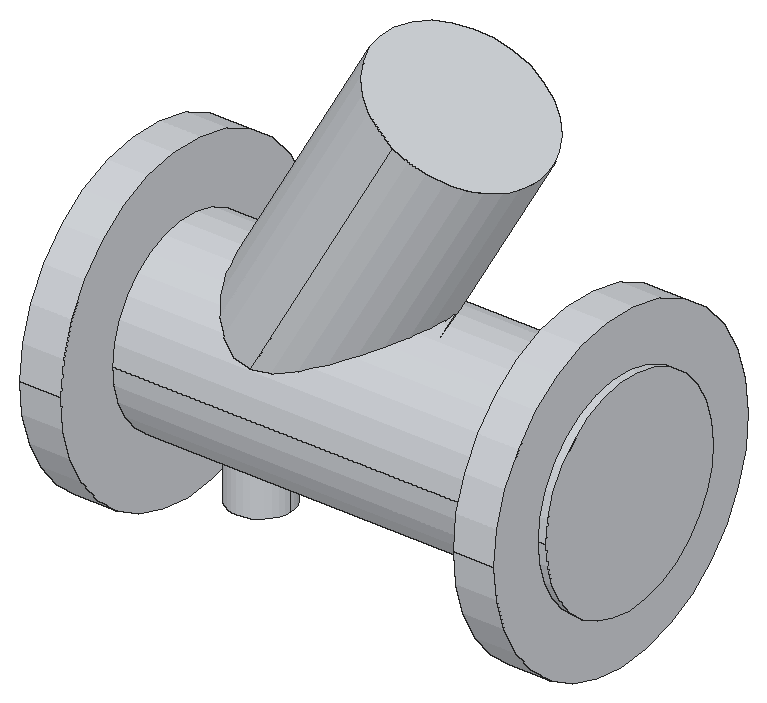
Revit family "HS 821-síto_jemné-PN25-DN080-RFA_2018", category Pipe Accessories, Revit 2018
Family settings
  Round Connector Dimension = Use Diameter
  Part Type = Breaks Into
  Work Plane-Based = No
  Always vertical = Yes
  Cut with Voids When Loaded = No
  Shared = No
Parameters (values of type "821D-DN080-PN25-síto_jemné")
  magiProductId = "e21040fa3cc2404b858198f6b73709"
  magiProductFamilyId = "79214ac3aaa945e397802f559f5c1e"
  magiPartTypeId = 307
  isMeasuringValve [instance] = no
  ang2D [instance] = 0.00°
  ZB__ve = -ZB  # -32 mm
  ZB1 = 53.46 mm
  ZB = 32 mm
  X2 = 104.753 mm
  X1 = 43.4 mm
  W2D = 15 mm
  VersionID = "2.0/2017.9.26.1/ZETKAMA_821_001"
  Use Minimum Symbol Size [instance] = yes
  URL = "www.hydronic.cz"
  Type Comments = "Filtr přírubový; síto jemné; A-PN16 (-10~300°C); D-PN25 (-10~350°C); F-PN40 (-10~400°C)"
  S = 132 mm
  QmdConnectorList = "301;D;302;D"
  Productdata [instance] = ""
  Manufacturer = "Hydronic Systems Prague s.r.o."
  MC Product Code = "210 280 (821D; DN080; PN25; kvs137,1; oko síta 0,63mm)"
  LM1 = 24.8 mm
  LM = 248 mm
  L4 = 77.5 mm
  L2D_Min = 3048 mm
  L2D = 130 mm
  L2 = 155 mm
  HH2 = 181.438 mm
  FD = 200 mm
  Description = "Filtr přírubový; síto jemné; 821A-PN16; 821D-PN25; 821F-PN40"
  DM1 = 107.4 mm
  DM = 118.8 mm
  D = 80 mm
  CC = 5.27 mm
  CAT0 = yes
  C1 = 25.73 mm
  C = 31 mm
  BD = 37.422 mm
Types (40, lengths in mm): name | magiProductId | ZB__ve | ZB1 | ZB | X2 | X1 | S | MC Product Code | LM1 | LM | L4 | L2 | HH2 | FD | DM1 | DM | D | CC | C1 | C | BD
  821A-DN015-PN16-síto_jemné | "a71bcfe8b393460598b23e8ddf7dc5" | -16.25 | 18.63 | 16.25 | 46.982 | 18.2 | 46 | "210 115 (821A; DN015; PN16; kvs6,2; oko síta 0,63mm)" | 10.4 | 104 | 32.5 | 65 | 81.375 | 95 | 27.6 | 41.4 | 15 | 2.21 | 10.79 | 13 | 13.041
  821A-DN020-PN16-síto_jemné | "41cd6c7a12924f4991217528336076" | -17.75 | 22.68 | 17.75 | 51.673 | 21 | 56 | "210 120 (821A; DN020; PN16; kvs9,6; oko síta 0,63mm)" | 12 | 120 | 37.5 | 75 | 89.5 | 105 | 33.6 | 50.4 | 20 | 2.55 | 12.45 | 15 | 15.876
  821A-DN025-PN16-síto_jemné | "be378b463ed14c3abf4c9b3ae8cf3a" | -19.25 | 26.325 | 19.25 | 58.601 | 22.4 | 65 | "210 125 (821A; DN025; PN16; kvs14,2; oko síta 0,63mm)" | 12.8 | 128 | 40 | 80 | 101.5 | 115 | 43.2 | 58.5 | 25 | 2.72 | 13.28 | 16 | 18.427
  821A-DN032-PN16-síto_jemné | "227a0d18b21540afabe8b6067d35fa" | -23 | 30.78 | 23 | 68.849 | 25.2 | 76 | "210 132 (821A; DN032; PN16; kvs23,1; oko síta 0,63mm)" | 14.4 | 144 | 45 | 90 | 119.25 | 140 | 50.4 | 68.4 | 32 | 3.06 | 14.94 | 18 | 21.546
  821A-DN040-PN16-síto_jemné | "d106917c74724141a10440112d0102" | -24.5 | 34.02 | 24.5 | 75.777 | 28 | 84 | "210 140 (821A; DN040; PN16; kvs36,6; oko síta 0,63mm)" | 16 | 160 | 50 | 100 | 131.25 | 150 | 60 | 75.6 | 40 | 3.4 | 16.6 | 20 | 23.814
  821A-DN050-PN16-síto_jemné | "8255d456a09e4f6486734f5dd9171b" | -26.75 | 40.095 | 26.75 | 79.061 | 32.2 | 99 | "210 150 (821A; DN050 PN16; kvs53,7; oko síta 0,63mm)" | 18.4 | 184 | 57.5 | 115 | 136.938 | 165 | 73.8 | 89.1 | 50 | 3.91 | 19.09 | 23 | 28.066
  821A-DN065-PN16-síto_jemné | "235b1b3e4c0843779a4d5e3716d40a" | -29.75 | 47.79 | 29.75 | 86.927 | 40.6 | 118 | "210 165 (821A; DN065; PN16; kvs95,1; oko síta 0,63mm)" | 23.2 | 232 | 72.5 | 145 | 150.562 | 185 | 94.2 | 106.2 | 65 | 4.93 | 24.07 | 29 | 33.453
  821A-DN080-PN16-síto_jemné | "a067f7c5236348ed8c820d16df7214" | -32 | 53.46 | 32 | 104.753 | 43.4 | 132 | "210 180 (821A; DN080; PN16; kvs137,1; oko síta 0,63mm)" | 24.8 | 248 | 77.5 | 155 | 181.438 | 200 | 107.4 | 118.8 | 80 | 5.27 | 25.73 | 31 | 37.422
  821A-DN100-PN16-síto_jemné | "c49a648c2747461285837d643703cd" | -35 | 63.18 | 35 | 114.857 | 49 | 156 | "210 190 (821A; DN100; PN16; kvs206,4; oko síta 0,63mm)" | 28 | 280 | 87.5 | 175 | 198.937 | 220 | 131.4 | 140.4 | 100 | 5.95 | 29.05 | 35 | 44.226
  821A-DN125-PN16-síto_jemné | "bf68e728a163493cbd2a663b26ebdc" | -39.5 | 74.52 | 39.5 | 131.888 | 56 | 184 | "210 191 (821A; DN125; PN16; kvs268,8; oko síta 0,63mm)" | 32 | 320 | 100 | 200 | 228.438 | 250 | 165 | 165.6 | 125 | 6.8 | 33.2 | 40 | 52.164
  821A-DN150-PN16-síto_jemné | "2de770284b654863ae6bc865769dc5" | -44.75 | 85.455 | 44.75 | 155.885 | 67.2 | 211 | "210 192 (821A; DN150; PN16; kvs401,4; oko síta 0,63mm)" | 38.4 | 384 | 120 | 240 | 270 | 285 | 192 | 189.9 | 150 | 8.16 | 39.84 | 48 | 59.818
  821A-DN200-PN16-síto_jemné | "8e5693371ab64aabb29a7f08c76e15" | -53 | 107.73 | 53 | 188.361 | 84 | 266 | "210 193 (821A; DN200; PN16; kvs706,7; oko síta 0,63mm)" | 48 | 480 | 150 | 300 | 326.25 | 340 | 252 | 239.4 | 200 | 10.2 | 49.8 | 60 | 75.411
  821A-DN250-PN16-síto_jemné | "05e37ed948c34047acdd4c42556504" | -62.75 | 129.195 | 62.75 | 255.911 | 102.2 | 319 | "210 194 (821A; DN250; PN16; kvs1229,4; oko síta 0,63mm)" | 58.4 | 584 | 182.5 | 365 | 443.25 | 405 | 309.6 | 287.1 | 250 | 12.41 | 60.59 | 73 | 90.436
  821A-DN300-PN16-síto_jemné | "9ad0af747269428da925480d83ce80" | -71 | 149.85 | 71 | 325.914 | 119 | 370 | "210 195 (821A; DN300; PN16; kvs1902,4; oko síta 0,63mm)" | 68 | 680 | 212.5 | 425 | 564.5 | 460 | 369.6 | 333 | 300 | 14.45 | 70.55 | 85 | 104.895
  821A-DN350-PN16-síto_jemné | "eebc71459bb3451bb4355e7951370a" | -80 | 173.745 | 80 | 356.875 | 137.2 | 429 | "200 196 (821A; DN350; PN16; kvs2611,0; oko síta 0,63mm)" | 78.4 | 784 | 245 | 490 | 618.125 | 520 | 438 | 386.1 | 350 | 16.66 | 81.34 | 98 | 121.621
  821A-DN400-PN16-síto_jemné | "d2f677cb196647e385b2590e7d8abe" | -89 | 194.4 | 89 | 392.237 | 154 | 480 | "210 197 (821A; DN400; PN16; kvs3438,4; oko síta 0,63mm)" | 88 | 880 | 275 | 550 | 679.375 | 580 | 498 | 432 | 400 | 18.7 | 91.3 | 110 | 136.08
  821D-DN015-PN25-síto_jemné | "27ddcbf555414f8ca1fde329bf9087" | -16.25 | 18.63 | 16.25 | 46.982 | 18.2 | 46 | "210 215 (821D; DN015; PN25; kvs6,2; oko síta 0,63mm)" | 10.4 | 104 | 32.5 | 65 | 81.375 | 95 | 27.6 | 41.4 | 15 | 2.21 | 10.79 | 13 | 13.041
  821D-DN020-PN25-síto_jemné | "270e0f14012f47189cd0235c18faee" | -17.75 | 22.68 | 17.75 | 51.673 | 21 | 56 | "210 220 (821D; DN020; PN25; kvs9,6; oko síta 0,63mm)" | 12 | 120 | 37.5 | 75 | 89.5 | 105 | 33.6 | 50.4 | 20 | 2.55 | 12.45 | 15 | 15.876
  821D-DN025-PN25-síto_jemné | "b9a7fb4aa36643878c637d8e1ab992" | -19.25 | 26.325 | 19.25 | 58.601 | 22.4 | 65 | "210 225 (821D; DN025; PN25; kvs14,2; oko síta 0,63mm)" | 12.8 | 128 | 40 | 80 | 101.5 | 115 | 43.2 | 58.5 | 25 | 2.72 | 13.28 | 16 | 18.427
  821D-DN032-PN25-síto_jemné | "6be9a55c4e68400f94eec7e804204c" | -23 | 30.78 | 23 | 68.849 | 25.2 | 76 | "210 232 (821D; DN032; PN25; kvs23,1; oko síta 0,63mm)" | 14.4 | 144 | 45 | 90 | 119.25 | 140 | 50.4 | 68.4 | 32 | 3.06 | 14.94 | 18 | 21.546
  821D-DN040-PN25-síto_jemné | "c54511bd7f584ec2984291479612cb" | -24.5 | 34.02 | 24.5 | 75.777 | 28 | 84 | "210 240 (821D; DN040; PN25; kvs36,6; oko síta 0,63mm)" | 16 | 160 | 50 | 100 | 131.25 | 150 | 60 | 75.6 | 40 | 3.4 | 16.6 | 20 | 23.814
  821D-DN050-PN25-síto_jemné | "5483b1f596b04cd39b23a14a22c90e" | -26.75 | 40.095 | 26.75 | 79.061 | 32.2 | 99 | "210 250 (821D; DN050; PN25; kvs53,7; oko síta 0,63mm)" | 18.4 | 184 | 57.5 | 115 | 136.938 | 165 | 73.8 | 89.1 | 50 | 3.91 | 19.09 | 23 | 28.066
  821D-DN065-PN25-síto_jemné | "767b0f8318e94750bc7a9930ed5b30" | -29.75 | 47.79 | 29.75 | 86.927 | 40.6 | 118 | "210 265 (821D; DN065; PN25; kvs95,1; oko síta 0,63mm)" | 23.2 | 232 | 72.5 | 145 | 150.562 | 185 | 94.2 | 106.2 | 65 | 4.93 | 24.07 | 29 | 33.453
  821D-DN080-PN25-síto_jemné | "e21040fa3cc2404b858198f6b73709" | -32 | 53.46 | 32 | 104.753 | 43.4 | 132 | "210 280 (821D; DN080; PN25; kvs137,1; oko síta 0,63mm)" | 24.8 | 248 | 77.5 | 155 | 181.438 | 200 | 107.4 | 118.8 | 80 | 5.27 | 25.73 | 31 | 37.422
  821D-DN100-PN25-síto_jemné | "175ca87a506b40b3bc6b82f12f33cf" | -37.25 | 63.18 | 37.25 | 114.857 | 49 | 156 | "210 290 (821D; DN100; PN25; kvs206,4; oko síta 0,63mm)" | 28 | 280 | 87.5 | 175 | 198.937 | 235 | 131.4 | 140.4 | 100 | 5.95 | 29.05 | 35 | 44.226
  821D-DN125-PN25-síto_jemné | "77cc98d60da24855999a22dff726b2" | -42.5 | 74.52 | 42.5 | 131.888 | 56 | 184 | "210 291 (821D; DN125; PN25; kvs268,8; oko síta 0,63mm)" | 32 | 320 | 100 | 200 | 228.438 | 270 | 165 | 165.6 | 125 | 6.8 | 33.2 | 40 | 52.164
  821D-DN150-PN25-síto_jemné | "9cf8acfcd15547d68e83172d3abcbe" | -47 | 85.455 | 47 | 155.885 | 67.2 | 211 | "210 292 (821D; DN150; PN25; kvs401,4; oko síta 0,63mm)" | 38.4 | 384 | 120 | 240 | 270 | 300 | 192 | 189.9 | 150 | 8.16 | 39.84 | 48 | 59.818
  821D-DN200-PN25-síto_jemné | "16973f3c9ea14389ba8602495a6b64" | -56 | 110.97 | 56 | 188.361 | 84 | 274 | "210 293 (821D; DN200; PN25; kvs706,7; oko síta 0,63mm)" | 48 | 480 | 150 | 300 | 326.25 | 360 | 252 | 246.6 | 200 | 10.2 | 49.8 | 60 | 77.679
  821F-DN015-PN40-síto_jemné | "4c7eaf3c4c0340888b3e684d8a8616" | -16.25 | 18.225 | 16.25 | 46.982 | 18.2 | 45 | "250 615 (821F; DN015; PN40; kvs6,2; oko síta 0,63mm)" | 10.4 | 104 | 32.5 | 65 | 81.375 | 95 | 27.6 | 40.5 | 15 | 2.21 | 10.79 | 13 | 12.757
  821F-DN020-PN40-síto_jemné | "aaac5f1ec96b44d6ba96ac2293d66d" | -17.75 | 23.49 | 17.75 | 51.673 | 21 | 58 | "250 620 (821F; DN020; PN40; kvs9,6; oko síta 0,63mm)" | 12 | 120 | 37.5 | 75 | 89.5 | 105 | 33.6 | 52.2 | 20 | 2.55 | 12.45 | 15 | 16.443
  821F-DN025-PN40-síto_jemné | "504768023968471481789485b54c7e" | -19.25 | 27.54 | 19.25 | 58.601 | 22.4 | 68 | "250 625 (821F; DN025; PN40; kvs14,2; oko síta 0,63mm)" | 12.8 | 128 | 40 | 80 | 101.5 | 115 | 43.2 | 61.2 | 25 | 2.72 | 13.28 | 16 | 19.278
  821F-DN032-PN40-síto_jemné | "165e7f39cf744f329bdf1c400dad12" | -23 | 31.59 | 23 | 68.849 | 25.2 | 78 | "250 632 (821F; DN032; PN40; kvs23,1; oko síta 0,63mm)" | 14.4 | 144 | 45 | 90 | 119.25 | 140 | 50.4 | 70.2 | 32 | 3.06 | 14.94 | 18 | 22.113
  821F-DN040-PN40-síto_jemné | "b8903f952089408fbf3a5a632bab1f" | -24.5 | 35.64 | 24.5 | 75.777 | 28 | 88 | "250 640 (821F; DN040; PN40; kvs36,6; oko síta 0,63mm)" | 16 | 160 | 50 | 100 | 131.25 | 150 | 60 | 79.2 | 40 | 3.4 | 16.6 | 20 | 24.948
  821F-DN050-PN40-síto_jemné | "c451f97266fe48da8f879cb6a2bd44" | -26.75 | 41.31 | 26.75 | 79.061 | 32.2 | 102 | "250 650 (821F; DN050; PN40; kvs53,7; oko síta 0,63mm)" | 18.4 | 184 | 57.5 | 115 | 136.938 | 165 | 73.8 | 91.8 | 50 | 3.91 | 19.09 | 23 | 28.917
  821F-DN065-PN40-síto_jemné | "dc9821e3f9b34e128f6a8c6b34c198" | -29.75 | 49.41 | 29.75 | 86.927 | 40.6 | 122 | "250 665 (821F; DN065; PN40; kvs95,1; oko síta 0,63mm)" | 23.2 | 232 | 72.5 | 145 | 150.562 | 185 | 94.2 | 109.8 | 65 | 4.93 | 24.07 | 29 | 34.587
  821F-DN080-PN40-síto_jemné | "689aa1e260f84cf4994f027a1d86b5" | -32 | 55.89 | 32 | 104.753 | 43.4 | 138 | "250 680 (821F; DN080; PN40; kvs137,1; oko síta 0,63mm)" | 24.8 | 248 | 77.5 | 155 | 181.438 | 200 | 107.4 | 124.2 | 80 | 5.27 | 25.73 | 31 | 39.123
  821F-DN100-PN40-síto_jemné | "8a45d4e8e2ab425f8c432f21d684f3" | -37.25 | 65.61 | 37.25 | 114.857 | 49 | 162 | "250 690 (821F; DN100; PN40; kvs206,4; oko síta 0,63mm)" | 28 | 280 | 87.5 | 175 | 198.937 | 235 | 131.4 | 145.8 | 100 | 5.95 | 29.05 | 35 | 45.927
  821F-DN125-PN40-síto_jemné | "cf073904c006406b8645afa67ea2fc" | -42.5 | 76.14 | 42.5 | 131.888 | 56 | 188 | "250 691 (821F; DN125; PN40; kvs268,8; oko síta 0,63mm)" | 32 | 320 | 100 | 200 | 228.438 | 270 | 165 | 169.2 | 125 | 6.8 | 33.2 | 40 | 53.298
  821F-DN150-PN40-síto_jemné | "0153b9ddabe14992a630484929fdbc" | -47 | 88.29 | 47 | 155.885 | 67.2 | 218 | "250 692 (821F; DN150; PN40; kvs401,4; oko síta 0,63mm)" | 38.4 | 384 | 120 | 240 | 270 | 300 | 192 | 196.2 | 150 | 8.16 | 39.84 | 48 | 61.803
  821F-DN200-PN40-síto_jemné | "7fb3fc01dd8d42428c203e3f8dd4d5" | -56 | 115.425 | 56 | 188.361 | 84 | 285 | "250 693 (821F; DN200; PN40; kvs706,7; oko síta 0,63mm)" | 48 | 480 | 150 | 300 | 326.25 | 360 | 252 | 256.5 | 200 | 10.2 | 49.8 | 60 | 80.797
Reference planes
  plane 1 "Center (Front/Back)": y = 0
  plane 2 "XYPLANE": z = 0
  plane 3 "Center (Left/Right)": x = 0
  plane 4 "109": x = -99.2
  plane 5 "108": x = 124
  plane 6 "107": x = -124
  plane 7 "105": x = 155
  plane 8 "104": x = -155
  plane 9 "103": y = 0
  plane 10 "102": z = 0
  plane 11 "101": x = -149.73
  plane 12 "100": x = 149.73
  plane 13 "11": x = -55.8
  plane 14 "10": z = 181.438
  plane 15 "9": x = 48.953
  plane 16 "5": z = -53.46
  plane 17 "4": x = -77.5
  plane 18 "1": x = 77.5
Forms (mm)
  Extrusion 1, solid, visible <- "CAT0"
    sketch origin (-124, -750, 0) x (0, 1, 0) y (0, 0, 1)
      loop
        circle (750, 0) r 59.4
    from 0 to 248 <- "LM"
  Extrusion 2, solid
    sketch origin (-155, -750, 0) x (0, 1, 0) y (0, 0, 1)
      loop
        circle (750, 0) r 66
    from 0 to 5.27 <- "CC"
  Extrusion 3, solid
    sketch origin (-149.73, -750, 0) x (0, 1, 0) y (0, 0, 1)
      loop
        circle (750, 0) r 100
    from 0 to 25.73 <- "C1"
  Extrusion 4, solid
    sketch origin (124, -750, 0) x (0, 1, 0) y (0, 0, 1)
      loop
        circle (750, 0) r 100
    from 0 to 25.73 <- "C1"
  Extrusion 5, solid
    sketch origin (149.73, -750, 0) x (0, 1, 0) y (0, 0, 1)
      loop
        circle (750, 0) r 66
    from 0 to 5.27 <- "CC"
  Sweep 6, solid, visible <- "CAT0"
    path origin (750, 0, 0) x (-1, 0, 0) y (0, 0, 1)
      loop
        line (874, 0) -> (805.8, 0) -> (701.047, 181.438)
    profile origin (-124, 0, 0) x (0, 0, -1) y (0, 1, 0)
      loop
        circle (0, 0) r 53.7
  Extrusion 7, solid, visible <- "CAT0"
    sketch origin (-750, 0, -53.46) x (1, 0, 0) y (0, 1, 0)
      loop
        circle (672.5, 0) r 18.711
    from 0 to -32 <- "ZB__ve"
  Extrusion 8, solid, visible <- "CAT0"
    sketch origin (-750, 0, -53.46) x (1, 0, 0) y (0, 1, 0)
      loop
        circle (827.5, 0) r 18.711
    from 0 to -32 <- "ZB__ve"
  Extrusion 9, solid, not visible
    sketch origin (155, -750, 0) x (0, 1, 0) y (0, 0, 1)
      loop
        circle (750, 0) r 10
    from 0 to -10
  Extrusion 10, solid, not visible
    sketch origin (-155, -750, 0) x (0, 1, 0) y (0, 0, 1)
      loop
        circle (750, 0) r 10
    from 0 to 10
Lines and regions (mm)
  reference lines, not visible
    curve 1: circle (2, 2, 0) r 1 normal (0, 0, 1)
Dimensions and locks
  plane 1 "Center (Front/Back)" to curve 1 = 2 mm
  "LM1": plane 6 "107" to plane 4 "109"
  "LM": plane 6 "107" to plane 5 "108"
  "C": plane 8 "104" to plane 6 "107"
  "L2": plane 3 "Center (Left/Right)" to plane 7 "105"
  "L2": plane 3 "Center (Left/Right)" to plane 8 "104"
  locked: plane 1 "Center (Front/Back)" to plane 9 "103"
  locked: plane 2 "XYPLANE" to plane 10 "102"
  "CC": plane 8 "104" to plane 11 "101"
  "C1": plane 5 "108" to plane 12 "100"
  "X1": plane 4 "109" to plane 13 "11"
  "HH2": plane 2 "XYPLANE" to plane 14 "10"
  "X2": plane 13 "11" to plane 15 "9"
  "ZB1": plane 2 "XYPLANE" to plane 16 "5"
  "L4": plane 8 "104" to plane 17 "4"
  "L2": plane 17 "4" to plane 18 "1"
  Sweep 6 sketch curve to Sweep 6 sketch curve = 0 mm  (x2)
  "DM": diameter of Extrusion 1 sketch curve
  "S": diameter of Extrusion 2 sketch curve
  "FD": diameter of Extrusion 3 sketch curve
  "FD": diameter of Extrusion 4 sketch curve
  "S": diameter of Extrusion 5 sketch curve
  "DM1": diameter of Sweep 6 sketch curve
  "BD": diameter of Extrusion 7 sketch curve
  "BD": diameter of Extrusion 8 sketch curve
  aligned and locked: level to plane 2 "XYPLANE"
  aligned and locked: Extrusion 1 sketch curve to plane 9 "103"
  aligned and locked: plane 10 "102" to Extrusion 1 sketch curve
  aligned and locked: Extrusion 2 sketch curve to plane 9 "103"
  aligned and locked: plane 10 "102" to Extrusion 2 sketch curve
  aligned and locked: Extrusion 3 sketch curve to plane 9 "103"
  aligned and locked: plane 10 "102" to Extrusion 3 sketch curve
  aligned and locked: Extrusion 4 sketch curve to plane 9 "103"
  aligned and locked: plane 10 "102" to Extrusion 4 sketch curve
  aligned and locked: Extrusion 5 sketch curve to plane 9 "103"
  aligned and locked: plane 10 "102" to Extrusion 5 sketch curve
  aligned and locked: Sweep 6 sketch curve to plane 9 "103"
  aligned and locked: plane 10 "102" to Sweep 6 sketch curve  (x3)
  aligned and locked: plane 6 "107" to Sweep 6 sketch curve
  aligned and locked: plane 13 "11" to Sweep 6 sketch curve
  aligned and locked: plane 14 "10" to Sweep 6 sketch curve
  aligned and locked: plane 15 "9" to Sweep 6 sketch curve
  aligned and locked: plane 9 "103" to Extrusion 7 sketch curve
  aligned and locked: plane 17 "4" to Extrusion 7 sketch curve
  aligned and locked: plane 9 "103" to Extrusion 8 sketch curve
  aligned and locked: plane 18 "1" to Extrusion 8 sketch curve
  aligned and locked: Extrusion 9 sketch curve to plane 9 "103"
  aligned and locked: plane 10 "102" to Extrusion 9 sketch curve
  aligned and locked: Extrusion 10 sketch curve to plane 9 "103"
  aligned and locked: plane 10 "102" to Extrusion 10 sketch curve
Automatic sketch dimensions
  plane 1 "Center (Front/Back)" to Extrusion 9 sketch curve = 10 mm
  plane 1 "Center (Front/Back)" to Extrusion 10 sketch curve = 10 mm
  plane 3 "Center (Left/Right)" to curve 1 = 2 mm
  radius of curve 1 = 1 mm
Connectors
  piping at (-155, 0, 0), diameter 80, driven by "D"
    settings: on Extrusion 10, index 1, connector inside diameter 609.6 mm, connector length 0 mm, flow factor 0, pipe flow 0.0 L/s, pressure drop 0.0 Pa, fitting loss kfactor 0, connector angle 0.00°, fixture units 0, engagement length 0 mm, angle of deflection 0.00°, flow configuration 0, flow direction 0, fitting loss method 0, system type 29, joint type 0, gender type 0, connector reference index 2, connector utility 0, adjustable connector no, is connector primary yes, connector description ""
  piping at (155, 0, 0), diameter 80, driven by "D"
    settings: on Extrusion 9, index 2, connector inside diameter 609.6 mm, connector length 0 mm, flow factor 0, pipe flow 0.0 L/s, pressure drop 0.0 Pa, fitting loss kfactor 0, connector angle 0.00°, fixture units 0, engagement length 0 mm, angle of deflection 0.00°, flow configuration 0, flow direction 0, fitting loss method 0, system type 29, joint type 0, gender type 0, connector reference index 1, connector utility 0, adjustable connector no, is connector primary no, connector description ""
